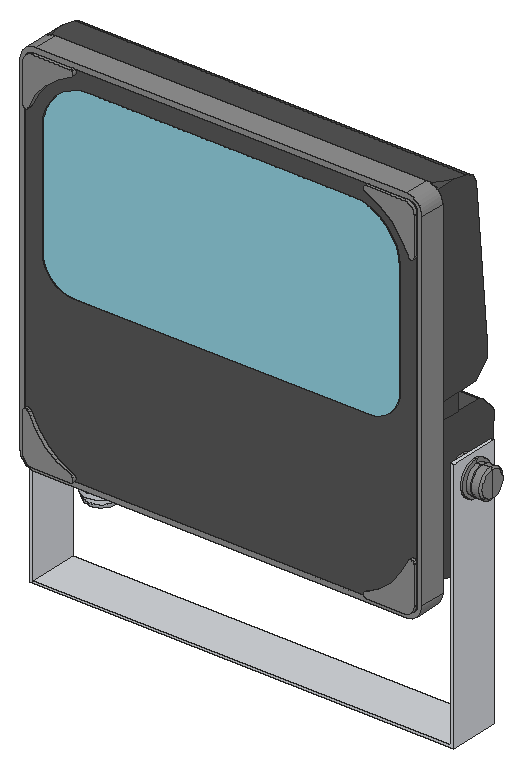
Revit family "Lighting-Floodlights-GEWISS-ELIA-FL-M3-LED_FLOODLIGHTS", category Apparecchi per illuminazione, host Superficie, Revit 2020
Family settings
  Host = Superficie
  Quota connettore circolare = Usa diametro
  Tipo di parte = Normale
  Taglio con vuoti quando caricato = No
  Sorgente d'illuminazione = Sì
  Condiviso = No
  Punto di calcolo locali = Sì
Parameters (values of type "GWF1100NH857 - ELIA FL M3 100W 5700K CRI80 On/Off 60°")
  ottica = Default Form
  Wiring = "With power cable"
  Weight (kg): = ""
  Wattage = 9.2903 W
  Warranty = "5 years"
  Visibilità etichetta [instance] = yes
  Visibilità simbolo [instance] = yes
  Visibilità lampada in pianta [instance] = not(Visibilità simbolo)  # no
  Version file RFA = "20.0"
  Variazione temperatura colore lampada con luminosità attenuata = (empty or 0)
  Unique digital code (Datamatrix) = "Currently not present"
  Unified Glare Rating = "ULOR = 0%"
  URL = "https://www.gewiss.com/ww/en"
  Typology: = "Small systems"
  Type of light source = "LED"
  Tilt- = "Rotation on bracket with integrated goniometer"
  built-in parameter 1150107 = 3200 (stored number, unit not read)
  System power = ""
  System  power = "From 100 to 200 W"
  Supply voltage = "220-240 V "
  Stocking temperature = "-40° +80°"
  Standards and approvals = "-"
  Standard- = "EN 60598-1; EN 60598-2-5; IEC/TR 62778; EN 62493"
  Standard Deviation Colour Matching = "SDCM = 5"
  Spostamento_y_eff.Simb [instance] = 4000 mm - Spostamento_y  # 4000 mm
  Spostamento_x_testo [instance] = 0 mm
  Spostamento_x_effettivo_simbolo [instance] = 4000 mm - Spostamento_x  # 4000 mm
  Spostamento_x [instance] = 0 mm
  Spostamento_y_effettivo [instance] = 4000 mm - Spostamento_y  # 4000 mm
  Spostamento_y [instance] = 0 mm
  Spostamento_effe_x_testo [instance] = 4000 mm - Spostamento_x_testo  # 4000 mm
  Spessore lampada = 26.891 mm
  Shock resistance = "IK08"
  Shield type = ""
  STRUTTURA = Struttura
  SEO = "Floodlight"
  Realized by GEWISS S.p.A. = ""
  Rated frequency (Hz) = "50/60 Hz"
  Photobiological Risk Class = "RG1"
  built-in parameter 1150110 = 1 (stored number, unit not read)
  built-in parameter 1150109 = 1 (stored number, unit not read)
  built-in parameter 1114218 = 1 (stored number, unit not read)
  built-in parameter 1150112 = 1 (stored number, unit not read)
  POSIZIONE = 80000  # constant formula
  PLACCAGGIO = none
  Overvoltage protection = ""
  Optic and illuminating features = "-"
  Optic Maintenance = "Non-replaceable"
  Optic : = ""
  Optic = "60°"
  Operating temperature : = "-30°C ÷ +50 °C"
  Mouting and installation = ""
  built-in parameter 1150137 = (empty or 0)
  built-in parameter 1150132 = (empty or 0)
  Maximum surface exposed to the wind : = ""
  Materials = "-"
  Lunghezza_lampada = 600 mm  # constant formula
  built-in parameter 1150131 = 3048 mm
  Luminaire = "LED luminaire with mid and high lumen power"
  Lumen output (lm) = ""
  Lumen output  (lm) = "Up to 25,000 lm"
  Locking Hook = "-"
  Lifetime = ""
  LED Maintenance = "By professional"
  LED = led
  Larghezza_Lampada = 600 mm  # constant formula
  Default Elevation = 1219.2 mm
  Produttore = "GEWISS S.p.A."
  Potenza Lampada [instance] = "330W"
  Model = "GWF1100NH857"
  built-in parameter 1150105 = 4614.1 (stored number, unit not read)
  built-in parameter 1150102 = (empty or 0)
  Insulation class = "I"
  Installationa and maintenance = "-"
  Immagine tipo = (empty or 0)
  built-in parameter 1150106 = 46.141 (stored number, unit not read)
  IPEA = "-"
  IP degree = "IP66"
  IDF = "06f6d089-d5cc-4065-abdb-482aa139e803"
  Group: = "xyz"
  Glow Wire Test : = "750 °C"
  General information = "-"
  Gasket = "-"
  Lumens = 1380 lm
  Fixing = ""
  Color Filter = 16777215
  built-in parameter 1114217 = 1 (stored number, unit not read)
  built-in parameter 1150139 = (empty or 0)
  FORO_CONTROSOFFITTO = Spessore lampada + 20 mm  # 46.891 mm
  External screw = "Stainless steel"
  Emetti da lunghezza linea = 150 mm
  Eletrical and lighting features = "-"
  Electrocod = "2424"
  Efficiency (lm/W): = "Above 120 lm/W"
  Efficiency (lm/W) = ""
  built-in parameter 1150104 = 13.8 (stored number, unit not read)
  Driver failure rate = ""
  Driver Box = "Built-in"
  Driver = "Built-in"
  Distanza dal host [instance] = 0 mm
  built-in parameter 1150115 = 1 (stored number, unit not read)
  built-in parameter 1150114 = 1 (stored number, unit not read)
  built-in parameter 1150113 = 1 (stored number, unit not read)
  Device with reduced surface temperature = "-"
  Description = "ELIA FL M3 100W 5700K CRI80 On/Off 60°"
  DIN 18032-3 certification = "-"
  Cornice = cornice
  Control System = "ON / OFF"
  Context = ""
  Colour temperature = ""
  Colour : = "Powder coating"
  Colour = "Black"
  built-in parameter 1150134 = 3
  built-in parameter 1150138 = (empty or 0)
  Color Rendering Index = "CRI 80"
  Classification: = "-"
  Category: = "Outdoor areas"
  COBie.Tagnumber = ""
  COBie.CreatedOn = ""
  COBie.CreatebBy = ""
  COBie.ComponentRegisterItemID = ""
  COBie.Component.TagNumber = ""
  COBie.Component.Space = ""
  COBie.Component.SerialNumber = ""
  COBie.Component.InstallationDate = ""
  COBie.Component.Description = ""
  COBie.Component.BarCode = ""
  Body = "Die-cast aluminium -"
  Application = "Indoor / Outdoor"
  built-in parameter 1010506 = 1.5708 (stored number, unit not read)
  Tilt Angle = 90.00°
  built-in parameter 1010507 = 1.5708 (stored number, unit not read)
  Lunghezza simbolo sorgente d'illuminazione = 3048 mm
  ----- = "Built-in"
  ---- = "Built-in"
  --- = "Built-in"
  -- = "Built-in"
  - = "Built-in"
Types (6, lengths in mm): name | Variazione temperatura colore lampada con luminosità attenuata | Optic | Model | Immagine tipo | Description
  GWF1100NH830 - ELIA FL M3 100W 3000K CRI80 On/Off 60° | (empty or 0) | "60°" | "GWF1100NH830" | (empty or 0) | "ELIA FL M3 100W 3000K CRI80 On/Off 60°"
  GWF1100NC830 - ELIA FL M3 100W 3000K CRI80 On/Off As. | <Nessuno> | "Asymmetrical" | "GWF1100NC830" | <Nessuno> | "ELIA FL M3 100W 3000K CRI80 On/Off As."
  GWF1100NH840 - ELIA FL M3 100W 4000K CRI80 On/Off 60° | (empty or 0) | "60°" | "GWF1100NH840" | (empty or 0) | "ELIA FL M3 100W 4000K CRI80 On/Off 60°"
  GWF1100NC840 - ELIA FL M3 100W 4000K CRI80 On/Off As. | <Nessuno> | "Asymmetrical" | "GWF1100NC840" | <Nessuno> | "ELIA FL M3 100W 4000K CRI80 On/Off As."
  GWF1100NH857 - ELIA FL M3 100W 5700K CRI80 On/Off 60° | (empty or 0) | "60°" | "GWF1100NH857" | (empty or 0) | "ELIA FL M3 100W 5700K CRI80 On/Off 60°"
  GWF1100NC857 - ELIA FL M3 100W 5700K CRI80 On/Off As. | <Nessuno> | "Asymmetrical" | "GWF1100NC857" | <Nessuno> | "ELIA FL M3 100W 5700K CRI80 On/Off As."
Reference planes
  plane 1 "Centro (Fronte/Retro)": y = 0
  plane 2: z = 0
  plane 3 "Centro (Sinistra/Destra)": x = 0
  plane 4: x = -4000
  plane 5 "pf_TESTO": x = 0
  plane 6: z = 1200
  plane 7: y = -4000
  plane 8: y = 0
  plane 9: x = -300
  plane 10: y = -300
  plane 11: x = 300
  plane 12: y = 300
  plane 13: z = -46.891
  plane 14 "PF_SIMBOLO": x = 0
  plane 15: y = 0
Lines and regions (mm)
  symbolic lines, visible <- "Visibilità lampada in pianta"
    curve 1: line (-104.487, 14.341, 0) -> (-104.487, -30, 0)
    curve 2: line (-104.487, 2.99, 0) -> (-104.487, 2, 0)
    curve 3: line (-104.487, 2, 0) -> (-114.5, 2, 0)
    curve 4: line (-114.5, 2, 0) -> (-114.5, -25.116, 0)
    curve 5: line (-114.5, -3, 0) -> (-116.659, -3, 0)
    curve 6: line (-116.659, -3, 0) -> (-116.659, -23.153, 0)
    curve 7: line (-116.659, -5.067, 0) -> (-126.532, -5.067, 0)
    curve 8: line (-126.532, -5.067, 0) -> (-126.532, -23.153, 0)
    curve 9: line (-126.532, -23.153, 0) -> (-116.659, -23.153, 0)
    curve 10: line (-116.659, -23.153, 0) -> (-116.659, -25.116, 0)
    curve 11: line (-116.659, -25.116, 0) -> (-114.5, -25.116, 0)
    curve 12: line (-114.5, -25.116, 0) -> (-114.5, -30, 0)
    curve 13: line (-114.5, -30, 0) -> (-104.487, -30, 0)
    curve 14: line (-107.599, -30, 0) -> (-107.599, -46, 0)
    curve 15: line (-107.599, -46, 0) -> (147.374, -46, 0)
    curve 16: line (147.374, -46, 0) -> (147.374, -30, 0)
    curve 17: line (144.263, -30, 0) -> (154.507, -30, 0)
    curve 18: line (154.507, -30, 0) -> (154.507, -25.116, 0)
    curve 19: line (154.507, -25.116, 0) -> (156.434, -25.116, 0)
    curve 20: line (156.434, -25.116, 0) -> (156.434, -22.933, 0)
    curve 21: line (156.434, -22.933, 0) -> (166.434, -22.933, 0)
    curve 22: line (166.434, -22.933, 0) -> (166.434, -4.758, 0)
    curve 23: line (166.434, -4.758, 0) -> (156.434, -4.758, 0)
    curve 24: line (156.434, -22.933, 0) -> (156.434, -2.884, 0)
    curve 25: line (156.434, -2.884, 0) -> (154.507, -2.884, 0)
    curve 26: line (154.507, -25.116, 0) -> (154.507, 2, 0)
    curve 27: line (154.507, 2, 0) -> (144.263, 2, 0)
    curve 28: line (144.263, -30, 0) -> (144.263, 14.341, 0)
    curve 29: line (144.263, 14.341, 0) -> (-104.487, 14.341, 0)
Dimensions and locks
  plane 4 to plane 3 "Centro (Sinistra/Destra)" = 4000 mm
  plane 6 to plane 2 = 1200 mm
  "Spostamento_y_effettivo": plane 8 to plane 7
  plane 1 "Centro (Fronte/Retro)" to plane 7 = 4000 mm
  equal spacing: plane 9, plane 3 "Centro (Sinistra/Destra)", plane 11
  equal spacing: plane 12, plane 1 "Centro (Fronte/Retro)", plane 10
  "FORO_CONTROSOFFITTO": level to plane 13
  "Lunghezza_lampada": plane 9 to plane 11
  "Larghezza_Lampada": plane 12 to plane 10
  "Spostamento_x_effettivo_simbolo": plane 4 to plane 14 "PF_SIMBOLO"
  "Spostamento_effe_x_testo": plane 4 to plane 5 "pf_TESTO"
  "Spostamento_y_eff.Simb": plane 15 to plane 7
  nested 2 to nested 2 = 248.75 mm
  aligned and locked: plane 2 to host face
  aligned and locked: level to host face
  aligned and locked: nested 1 to plane 8
  aligned and locked: plane 5 "pf_TESTO" to nested 1
  aligned and locked: plane 14 "PF_SIMBOLO" to nested 3
  aligned and locked: nested 3 to plane 15
Automatic sketch dimensions
  host sketch curve to host sketch curve = 2438.4 mm  (x2)
  plane 1 "Centro (Fronte/Retro)" to curve 7 = 5.067 mm
  curve 7 to plane 3 "Centro (Sinistra/Destra)" = 126.532 mm
  curve 8 to curve 9 = 9.873 mm
  curve 10 to curve 4 = 2.159 mm
  curve 12 to curve 15 = 6.901 mm
  curve 2 to plane 1 "Centro (Fronte/Retro)" = 2 mm
  curve 3 to curve 2 = 10.013 mm
  curve 14 to curve 13 = 3.111 mm
  plane 1 "Centro (Fronte/Retro)" to curve 28 = 30 mm
  plane 3 "Centro (Sinistra/Destra)" to curve 28 = 144.263 mm
  curve 17 to curve 16 = 3.111 mm
  curve 16 to curve 19 = 7.133 mm
  curve 18 to curve 19 = 1.927 mm
  curve 24 to curve 22 = 10 mm
  curve 14 to curve 7 = 40.933 mm
  curve 14 to curve 13 = 16 mm
  curve 17 to curve 19 = 4.884 mm
  curve 12 to curve 4 = 4.884 mm
  curve 10 to curve 10 = 1.963 mm
  curve 19 to curve 21 = 2.183 mm
  plane 1 "Centro (Fronte/Retro)" to curve 23 = 4.758 mm
  curve 7 to curve 6 = 2.067 mm
  curve 23 to curve 25 = 1.874 mm
  curve 26 to plane 1 "Centro (Fronte/Retro)" = 2 mm
  curve 2 to curve 1 = 12.341 mm
  curve 2 to curve 2 = 0.99 mm
Nested families
  nested 1: "Etichetta light" at (0, 0, 0), visible <- "Visibilità etichetta", type "Etichetta light"
  nested 2: "BASE_FL_100" at (-114.5, -14, 0), type "TIPO 1"
  nested 3: "Famiglia1" at (0, 0, 0), visible <- "Visibilità simbolo", type "Famiglia1"
Definition of nested family "BASE_FL_100"
  Parameters (values of type "TIPO 1")
    h_LED = 120 mm
    Vetro = none
    Struttura = none
    Staffa = none
    Schermo led = none
    Default Elevation = 0 mm
    PLACCAGGIO = none
    L_SCHERMO = 248.75 mm
    H_SCHERMO = 235 mm
    H_DA BASE = 74 mm
    Cornice = none
  Reference planes
    plane 1 "Center (Front/Back)": y = 0
    plane 2: z = 0
    plane 3 "Center (Left/Right)": x = 0
    plane 4: x = 2
    plane 5: z = 75.414
    plane 6: z = 78.43
    plane 7: x = 258.763
    plane 8: x = 261.874
    plane 9: z = 313.43
    plane 10: z = 316.445
    plane 11: x = 6.901
    plane 12: x = 10.013
    plane 13: x = 267.007
    plane 14: x = 269.007
    plane 15: x = 280.807
    plane 16: x = 274.307
    plane 17: z = 1.414
    plane 18: z = 161.33
    plane 19: z = 156.405
    plane 20: z = 138.085
    plane 21: x = -12.032
    plane 22: x = -5.532
    plane 23: x = 21.013
    plane 24: z = 302.43
    plane 25: z = 182.43
    plane 26: x = 247.763
    plane 27: y = -34
    plane 28: y = -32
    plane 29: y = -16
    plane 30: y = -16
    plane 31: y = 16
  Forms (mm)
    Extrusion 1, solid, material <- "Staffa"
      sketch origin (0, 0, 0) x (1, 0, 0) y (0, 0, 1)
        loop
          line (0, 161.33) -> (0, 0) -> (269.007, 0) -> (269.007, 161.327) -> (267.007, 161.327) -> (267.007, 1.414) -> (2, 1.414) -> (2, 161.33) -> (0, 161.33)
      from -16 to 16
    Revolve 2, solid, material <- "Cornice"
      sketch origin (0, 0, 27.5) x (1, 0, 0) y (0, 0, 1)
        loop
          line (269.007, 130.691) -> (269.007, 119.575) -> (274.307, 119.575) -> (274.307, 128.508) -> (270.934, 128.508) -> (270.934, 130.691) -> (269.007, 130.691)
        axis (274.307, 119.575) -> (269.007, 119.575)
      angle from 0 to 360
    Revolve 3, solid, material <- "Cornice"
      sketch origin (0, 0, 27.5) x (1, 0, 0) y (0, 0, 1)
        loop
          line (274.307, 119.711) -> (280.807, 119.711) -> (280.807, 127.742) -> (279.644, 128.905) -> (275.197, 128.905) -> (274.307, 128.49) -> (274.307, 119.711)
        axis (274.307, 119.711) -> (280.807, 119.711)
      angle from 0 to 360
    Revolve 4, solid, material <- "Cornice"
      sketch origin (204.536, 0, 27.5) x (-1, 0, 0) y (0, 0, 1)
        loop
          line (204.768, 130.691) -> (204.768, 119.575) -> (210.068, 119.575) -> (210.068, 128.508) -> (206.695, 128.508) -> (206.695, 130.691) -> (204.768, 130.691)
        axis (210.068, 119.575) -> (204.768, 119.575)
      angle from 0 to 360
    Revolve 5, solid, material <- "Cornice"
      sketch origin (204.536, 0, 27.5) x (-1, 0, 0) y (0, 0, 1)
        loop
          line (210.068, 119.711) -> (216.568, 119.711) -> (216.568, 127.742) -> (215.404, 128.905) -> (210.958, 128.905) -> (210.068, 128.49) -> (210.068, 119.711)
        axis (210.068, 119.711) -> (216.568, 119.711)
      angle from 0 to 360
    Extrusion 6, solid, material <- "Cornice"
      sketch origin (0, 0, 0) x (1, 0, 0) y (0, 0, 1)
        loop
          arc (6.901, 85.191) -> (9.765, 78.278) -> (16.678, 75.414) r 9.777
          line (16.678, 75.414) -> (251.874, 75.414)
          arc (251.874, 75.414) -> (258.945, 78.343) -> (261.874, 85.414) r 10
          line (261.874, 85.414) -> (261.874, 306.445)
          arc (261.874, 306.445) -> (258.945, 313.516) -> (251.874, 316.445) r 10
          line (251.874, 316.445) -> (16.901, 316.445)
          arc (16.901, 316.445) -> (9.83, 313.516) -> (6.901, 306.445) r 10
          line (6.901, 306.445) -> (6.901, 85.191)
        loop
          arc (10.013, 84.152) -> (11.689, 80.106) -> (15.735, 78.43) r 5.722
          line (15.735, 78.43) -> (252.621, 78.43)
          arc (252.621, 78.43) -> (256.964, 80.228) -> (258.763, 84.571) r 6.142
          line (258.763, 84.571) -> (258.763, 307.43)
          arc (258.763, 307.43) -> (257.005, 311.672) -> (252.763, 313.43) r 6
          line (252.763, 313.43) -> (16.013, 313.43)
          arc (16.013, 313.43) -> (11.77, 311.672) -> (10.013, 307.43) r 6
          line (10.013, 307.43) -> (10.013, 84.152)
      from 16 to 32
    Extrusion 7, solid, material <- "Struttura"
      sketch origin (0, 0, 0) x (1, 0, 0) y (0, 0, 1)
        loop
          arc (51.013, 302.43) -> (29.799, 293.643) -> (21.013, 272.43) r 30
          line (21.013, 272.43) -> (21.013, 202.23)
          arc (21.013, 202.23) -> (26.812, 188.229) -> (40.813, 182.43) r 19.8
          line (40.813, 182.43) -> (227.963, 182.43)
          arc (227.963, 182.43) -> (241.963, 188.229) -> (247.763, 202.23) r 19.8
          line (247.763, 202.23) -> (247.763, 272.43)
          arc (247.763, 272.43) -> (238.976, 293.643) -> (217.763, 302.43) r 30
          line (217.763, 302.43) -> (51.013, 302.43)
        loop
          arc (14.994, 313.43) -> (11.108, 311.499) -> (9.539, 307.454) r 6
          line (9.539, 307.454) -> (9.539, 84.58)
          arc (9.539, 84.58) -> (11.391, 80.109) -> (15.862, 78.257) r 6.323
          line (15.862, 78.257) -> (252.767, 78.434)
          arc (252.767, 78.434) -> (257.007, 80.193) -> (258.763, 84.434) r 6
          line (258.763, 84.434) -> (258.763, 307.43)
          arc (258.763, 307.43) -> (257.005, 311.672) -> (252.763, 313.43) r 6
          line (252.763, 313.43) -> (14.994, 313.43)
      from 16 to 32
    Extrusion 8, solid, material <- "Schermo led"
      sketch origin (0, 0, 0) x (1, 0, 0) y (0, 0, 1)
        loop
          arc (51.013, 302.43) -> (29.799, 293.643) -> (21.013, 272.43) r 30
          line (21.013, 272.43) -> (21.013, 202.23)
          arc (21.013, 202.23) -> (26.812, 188.229) -> (40.813, 182.43) r 19.8
          line (40.813, 182.43) -> (227.963, 182.43)
          arc (227.963, 182.43) -> (241.963, 188.229) -> (247.763, 202.23) r 19.8
          line (247.763, 202.23) -> (247.763, 272.43)
          arc (247.763, 272.43) -> (238.976, 293.643) -> (217.763, 302.43) r 30
          line (217.763, 302.43) -> (51.013, 302.43)
      from 16 to 32
    Revolve 9, solid
      sketch origin (0, -18.125, 0) x (1, 0, 0) y (0, 0, 1)
        loop
          line (47.268, 75.414) -> (37.268, 75.414) -> (37.268, 73.185) -> (36.185, 73.185) -> (36.185, 70.185) -> (37.268, 70.185) -> (37.268, 67.185)
          arc (37.268, 67.185) -> (38.146, 65.063) -> (40.268, 64.185) r 3
          line (40.268, 64.185) -> (47.268, 64.185) -> (47.268, 75.414)
        axis (47.268, 75.414) -> (47.268, 64.185)
      angle from 0 to 360
    Revolve 10, solid
      sketch origin (0, 0, 27.5) x (1, 0, 0) y (0, 0, 1)
        loop
          line (2, 119.745) -> (6.901, 119.745) -> (6.901, 132.093) -> (5.198, 132.093) -> (5.198, 124.774) -> (2, 124.774) -> (2, 119.745)
        axis (2, 119.745) -> (6.901, 119.745)
      angle from 0 to 360
    Revolve 11, solid, material <- "Cornice"
      sketch origin (204.536, 0, 27.5) x (-1, 0, 0) y (0, 0, 1)
        loop
          line (-62.472, 121.291) -> (-57.338, 121.291) -> (-57.338, 130.717) -> (-59.042, 130.717) -> (-59.042, 124.774) -> (-62.472, 124.774) -> (-62.472, 121.291)
        axis (-62.472, 121.291) -> (-57.338, 121.291)
      angle from 0 to 360
    Extrusion 12, solid, material <- "Struttura"
      sketch origin (0, 0, 0) x (0, 1, 0) y (0, 0, 1)
        loop
          line (-16, 190.726) -> (-16, 181.197) -> (0, 180.778) -> (0, 191.145) -> (-16, 190.726)
      from 10.013 to 258.763
    Extrusion 13, solid, material <- "Cornice"
      sketch origin (-416.195, 0, 1.563) x (1, 0, 0) y (0, 0, 1)
        loop
          arc (457.188, 307.83) -> (458.38, 310.068) -> (456.419, 311.676) r 2
          line (456.419, 311.676) -> (432.776, 311.676)
          arc (432.776, 311.676) -> (428.281, 309.814) -> (426.419, 305.319) r 6.358
          line (426.419, 305.319) -> (426.419, 281.676)
          arc (426.419, 281.676) -> (428.026, 279.715) -> (430.265, 280.907) r 2
          arc (430.265, 280.907) -> (441.063, 297.032) -> (457.188, 307.83) r 50
      from 32 to 34
    Extrusion 14, solid, material <- "Cornice"
      sketch origin (684.97, 0, 1.562) x (-1, 0, 0) y (0, 0, -1)
        loop
          arc (457.188, -307.83) -> (441.063, -297.032) -> (430.265, -280.907) r 50
          arc (430.265, -280.907) -> (428.026, -279.715) -> (426.419, -281.676) r 2
          line (426.419, -281.676) -> (426.419, -305.319)
          arc (426.419, -305.319) -> (428.281, -309.814) -> (432.776, -311.676) r 6.358
          line (432.776, -311.676) -> (456.419, -311.676)
          arc (456.419, -311.676) -> (458.38, -310.068) -> (457.188, -307.83) r 2
      from 32 to 34
    Extrusion 15, solid, material <- "Struttura"
      sketch origin (0, 0, 0) x (0, 1, 0) y (0, 0, 1)
        loop
          line (7.514, 312.018) -> (-16, 316.164) -> (-16, 190.987) -> (14.186, 191.777) -> (23.136, 200.727) -> (23.134, 210.009)
          arc (23.134, 210.009) -> (20.104, 257.854) -> (14.024, 305.407) r 750
          arc (14.024, 305.407) -> (11.825, 309.753) -> (7.514, 312.018) r 8
      from 10.013 to 258.763
    Extrusion 16, void
      sketch origin (0, 0, 0) x (1, 0, 0) y (0, 0, 1)
        loop
          line (14.548, 316.164) -> (10.013, 316.164) -> (10.013, 313.694)
          arc (10.013, 313.694) -> (12.118, 315.227) -> (14.548, 316.164) r 10
        loop
          line (258.763, 316.164) -> (254.227, 316.164)
          arc (254.227, 316.164) -> (256.657, 315.227) -> (258.763, 313.694) r 10
          line (258.763, 313.694) -> (258.763, 316.164)
      from 0 to 34
    Extrusion 17, solid, material <- "Cornice"
      sketch origin (-416.195, 0, 390.172) x (1, 0, 0) y (0, 0, 1)
        loop
          arc (457.188, -307.83) -> (441.063, -297.032) -> (430.265, -280.907) r 50
          arc (430.265, -280.907) -> (428.026, -279.715) -> (426.419, -281.676) r 2
          line (426.419, -281.676) -> (426.419, -305.319)
          arc (426.419, -305.319) -> (428.281, -309.814) -> (432.776, -311.676) r 6.358
          line (432.776, -311.676) -> (456.419, -311.676)
          arc (456.419, -311.676) -> (458.38, -310.068) -> (457.188, -307.83) r 2
      from 32 to 34
    Extrusion 18, solid, material <- "Cornice"
      sketch origin (684.97, 0, 390.172) x (-1, 0, 0) y (0, 0, -1)
        loop
          arc (457.188, 307.83) -> (458.38, 310.068) -> (456.419, 311.676) r 2
          line (456.419, 311.676) -> (432.776, 311.676)
          arc (432.776, 311.676) -> (428.281, 309.814) -> (426.419, 305.319) r 6.358
          line (426.419, 305.319) -> (426.419, 281.676)
          arc (426.419, 281.676) -> (428.026, 279.715) -> (430.265, 280.907) r 2
          arc (430.265, 280.907) -> (441.063, 297.032) -> (457.188, 307.83) r 50
      from 32 to 34
    Extrusion 19, solid, material <- "Struttura"
      sketch origin (0, 0, 0) x (0, 1, 0) y (0, 0, 1)
        loop
          line (16.99, 180.306) -> (-16, 181.17) -> (-16, 94.148)
          arc (-16, 94.148) -> (9.209, 90.511) -> (24.523, 110.863) r 25
          arc (24.523, 110.863) -> (27.071, 139.597) -> (28.341, 168.416) r 650
          arc (28.341, 168.416) -> (28.071, 169.952) -> (27.234, 171.267) r 4
          line (27.234, 171.267) -> (19.778, 179.07)
          arc (19.778, 179.07) -> (18.506, 179.964) -> (16.99, 180.306) r 4
      from 10.013 to 258.763
  Cuts and joins
    Extrusion 16 cuts Extrusion 6
    Extrusion 16 cuts Extrusion 15
  Dimensions and locks
    locked: plane 3 "Center (Left/Right)" to plane 4 at 2
    locked: plane 6 to plane 5 at 3.015
    locked: plane 7 to plane 8 at 3.111
    locked: plane 10 to plane 9 at 3.015
    locked: plane 11 to plane 12 at 3.111
    locked: plane 4 to plane 11 at 4.901
    "L_SCHERMO": plane 12 to plane 7
    locked: plane 13 to plane 14 at 2
    locked: plane 8 to plane 13 at 5.133
    locked: plane 16 to plane 15 at 6.5
    locked: plane 14 to plane 16 at 5.3
    locked: plane 17 to level at 1.414
    "H_DA BASE": plane 5 to plane 17
    "H_SCHERMO": plane 9 to plane 6
    locked: plane 19 to plane 20 at 18.321
    locked: plane 22 to plane 21 at 6.5
    plane 12 to plane 23 = 11 mm
    locked: plane 26 to plane 7 at 11
    "h_LED": plane 24 to plane 25
    plane 25 to plane 6 = 104 mm
    plane 26 to plane 7 = 11 mm
    locked: plane 28 to plane 27 at 2
    locked: plane 29 to plane 28 at 16
    cut or joined group of Extrusion 6, Extrusion 16 to level = 316.445 mm
    radius of Extrusion 6 sketch curve = 10 mm  (x3)
    radius of Extrusion 6 sketch curve = 6 mm  (x2)
    radius of Extrusion 7 sketch curve = 19.8 mm  (x2)
    radius of Extrusion 7 sketch curve = 30 mm  (x2)
    radius of Extrusion 7 sketch curve = 6 mm  (x3)
    radius of Extrusion 7 sketch curve = 6.323 mm
    radius of Extrusion 8 sketch curve = 30 mm  (x2)
    radius of Extrusion 8 sketch curve = 19.8 mm  (x2)
    radius of Extrusion 6 sketch curve = 6.142 mm
    radius of Extrusion 6 sketch curve = 5.722 mm
    radius of Extrusion 6 sketch curve = 9.777 mm
    aligned and locked: level to plane 2
    aligned and locked: Extrusion 1 sketch curve to plane 3 "Center (Left/Right)"
    aligned and locked: Extrusion 1 sketch curve to plane 4
    aligned and locked: Extrusion 1 sketch curve to plane 17
    aligned and locked: Extrusion 1 sketch curve to level
    aligned and locked: Extrusion 1 sketch curve to plane 14
    aligned and locked: Extrusion 1 sketch curve to plane 13
    aligned and locked: Extrusion 1 sketch curve to plane 18  (x2)
    aligned and locked: plane 14 to Revolve 2 sketch curve
    aligned and locked: plane 16 to Revolve 2 sketch curve
    aligned and locked: plane 16 to Revolve 3 sketch curve
    aligned and locked: plane 19 to Revolve 3 sketch curve
    aligned and locked: plane 15 to Revolve 3 sketch curve
    aligned and locked: plane 22 to Revolve 4 sketch curve
    aligned and locked: plane 22 to Revolve 5 sketch curve
    aligned and locked: plane 21 to Revolve 5 sketch curve
    aligned and locked: Extrusion 6 sketch curve to plane 11
    aligned and locked: Extrusion 6 sketch curve to plane 12
    aligned and locked: Extrusion 6 sketch curve to plane 9
    aligned and locked: Extrusion 6 sketch curve to plane 10
    aligned and locked: Extrusion 6 sketch curve to plane 8
    aligned and locked: Extrusion 6 sketch curve to plane 7
    aligned and locked: Extrusion 6 sketch curve to plane 5
    aligned and locked: Extrusion 6 sketch curve to plane 6
    aligned and locked: Extrusion 7 sketch curve to plane 24
    aligned and locked: Extrusion 7 sketch curve to plane 23
    aligned and locked: Extrusion 7 sketch curve to plane 25
    aligned and locked: Extrusion 7 sketch curve to plane 26
    aligned and locked: Extrusion 7 sketch curve to plane 9
    aligned and locked: Extrusion 8 sketch curve to Extrusion 7  (x2)
    aligned and locked: Revolve 9 sketch curve to plane 5
    aligned and locked: Revolve 10 sketch curve to plane 4
    aligned and locked: Revolve 10 sketch curve to plane 11
    aligned and locked: plane 8 to Revolve 11
    aligned and locked: Revolve 11 to plane 13
    aligned and locked: plane 12 to Extrusion 12
    aligned and locked: Extrusion 12 to plane 7
    aligned and locked: plane 27 to Extrusion 13
    aligned and locked: plane 27 to Extrusion 14
    aligned and locked: Extrusion 13 to plane 28
    aligned and locked: Extrusion 14 to plane 28
    aligned and locked: Extrusion 6 to plane 28
    aligned and locked: Extrusion 7 to plane 28
    aligned and locked: Extrusion 8 to plane 28
    aligned and locked: Extrusion 6 to plane 29
    aligned and locked: Extrusion 7 to plane 29
    aligned and locked: Extrusion 8 to plane 29
    aligned and locked: Extrusion 1 to plane 30
    aligned and locked: plane 31 to Extrusion 1
    aligned and locked: plane 29 to plane 30
    aligned and locked: plane 29 to Extrusion 15 sketch curve
    aligned and locked: plane 12 to Extrusion 15
    aligned and locked: Extrusion 15 to plane 7
    aligned and locked: Extrusion 16 sketch curve to Extrusion 6  (x2)
    aligned and locked: Extrusion 16 sketch curve to Extrusion 15  (x2)
    aligned and locked: Extrusion 15 to Extrusion 16 sketch curve
    aligned and locked: Extrusion 16 sketch curve to plane 7
    aligned and locked: Extrusion 16 to plane 1 "Center (Front/Back)"
    aligned and locked: Extrusion 13 to Extrusion 16
    aligned and locked: Extrusion 12 sketch curve to plane 30
    aligned and locked: plane 30 to Extrusion 19 sketch curve
    aligned and locked: plane 12 to Extrusion 19
    aligned and locked: Extrusion 19 to plane 7
  Automatic sketch dimensions
    Revolve 2 sketch curve to plane 14 = 0 mm
    Revolve 2 sketch curve to plane 16 = 0 mm
    Revolve 2 sketch curve to plane 14 = 1.927 mm
    plane 20 to Revolve 2 sketch curve = 8.99 mm
    Revolve 2 sketch curve to plane 19 = 0.397 mm
    plane 19 to Revolve 2 sketch curve = 1.785 mm
    Revolve 2 sketch curve to Revolve 2 sketch curve = 0 mm
    Revolve 3 sketch curve to plane 16 = 0 mm
    Revolve 3 sketch curve to plane 15 = 0 mm
    Revolve 3 sketch curve to plane 16 = 0.89 mm
    plane 15 to Revolve 3 sketch curve = 1.163 mm
    Revolve 3 sketch curve to plane 19 = 0.415 mm
    Revolve 3 sketch curve to plane 19 = 1.163 mm
    Revolve 3 sketch curve to Revolve 3 sketch curve = 8.031 mm
    Revolve 3 sketch curve to Revolve 3 sketch curve = 0 mm
    Revolve 4 sketch curve to plane 22 = 0 mm
    plane 19 to Revolve 4 sketch curve = 0.397 mm
    plane 3 "Center (Left/Right)" to Revolve 4 sketch curve = 2.159 mm
    plane 3 "Center (Left/Right)" to Revolve 4 sketch curve = 0.232 mm
    Revolve 4 sketch curve to Revolve 4 sketch curve = 8.933 mm
    Revolve 4 sketch curve to plane 19 = 1.785 mm
    Revolve 4 sketch curve to Revolve 4 sketch curve = 0 mm  (x2)
    Revolve 5 sketch curve to plane 22 = 0 mm
    Revolve 5 sketch curve to plane 19 = 0 mm
    Revolve 5 sketch curve to plane 21 = 0 mm
    plane 22 to Revolve 5 sketch curve = 0.89 mm
    Revolve 5 sketch curve to plane 21 = 1.163 mm
    plane 19 to Revolve 5 sketch curve = 0.415 mm
    plane 19 to Revolve 5 sketch curve = 1.163 mm
    Revolve 5 sketch curve to Revolve 5 sketch curve = 8.031 mm
    Revolve 5 sketch curve to Revolve 5 sketch curve = 0 mm
    Extrusion 7 sketch curve to plane 6 = 0.172 mm
    plane 23 to Extrusion 7 sketch curve = 5.151 mm
    plane 23 to Extrusion 7 sketch curve = 5.473 mm
    Extrusion 7 sketch curve to plane 12 = 4.981 mm
    Extrusion 8 sketch curve to plane 24 = 0 mm
    Extrusion 8 sketch curve to Extrusion 8 sketch curve = 30 mm
    Extrusion 8 sketch curve to plane 24 = 30 mm
    Revolve 9 sketch curve to plane 5 = 0 mm
    Revolve 9 sketch curve to plane 5 = 5.229 mm
    Revolve 9 sketch curve to plane 23 = 15.172 mm
    Revolve 9 sketch curve to Revolve 9 sketch curve = 1.083 mm  (x2)
    Revolve 9 sketch curve to Revolve 9 sketch curve = 3 mm  (x2)
    Revolve 9 sketch curve to Revolve 9 sketch curve = 7 mm
    Revolve 9 sketch curve to plane 5 = 2.229 mm
    Revolve 9 sketch curve to Revolve 9 sketch curve = 0 mm  (x2)
    plane 4 to Revolve 10 sketch curve = 0 mm
    plane 11 to Revolve 10 sketch curve = 0 mm
    plane 11 to Revolve 10 sketch curve = 1.703 mm
    Revolve 10 sketch curve to plane 19 = 9.16 mm
    Revolve 10 sketch curve to plane 19 = 4.131 mm
    Revolve 10 sketch curve to plane 18 = 1.738 mm
    Revolve 10 sketch curve to Revolve 10 sketch curve = 0 mm
    Revolve 11 sketch curve to plane 13 = 0 mm
    plane 8 to Revolve 11 sketch curve = 0 mm  (x2)
    plane 8 to Revolve 11 sketch curve = 1.703 mm
    plane 19 to Revolve 11 sketch curve = 7.614 mm
    Revolve 11 sketch curve to Revolve 11 sketch curve = 3.483 mm
    Revolve 11 sketch curve to plane 19 = 1.812 mm
    Revolve 11 sketch curve to Revolve 11 sketch curve = 0.232 mm
    Revolve 11 sketch curve to Revolve 11 sketch curve = 0 mm
    Extrusion 13 sketch curve to plane 12 = 0.211 mm
    Extrusion 13 sketch curve to Extrusion 13 sketch curve = 2 mm
    plane 23 to Extrusion 13 sketch curve = 4.431 mm
    Extrusion 13 sketch curve to plane 9 = 2.191 mm
    Extrusion 13 sketch curve to plane 23 = 19.211 mm
    Extrusion 13 sketch curve to plane 23 = 39.211 mm
    plane 24 to Extrusion 13 sketch curve = 4.452 mm
    Extrusion 13 sketch curve to plane 24 = 19.191 mm
    Extrusion 13 sketch curve to plane 24 = 39.191 mm
    Extrusion 13 sketch curve to Extrusion 13 sketch curve = 0 mm
    Extrusion 14 sketch curve to plane 7 = 0.211 mm
    Extrusion 14 sketch curve to Extrusion 14 sketch curve = 2 mm
    Extrusion 14 sketch curve to plane 26 = 4.431 mm
    plane 9 to Extrusion 14 sketch curve = 2.191 mm
    plane 26 to Extrusion 14 sketch curve = 19.211 mm
    plane 26 to Extrusion 14 sketch curve = 39.211 mm
    Extrusion 14 sketch curve to plane 24 = 4.452 mm
    plane 24 to Extrusion 14 sketch curve = 19.191 mm
    plane 24 to Extrusion 14 sketch curve = 39.191 mm
    Extrusion 14 sketch curve to Extrusion 14 sketch curve = 0 mm
    Extrusion 15 sketch curve to plane 25 = 4.13 mm
    plane 27 to Extrusion 15 sketch curve = 692.499 mm
    plane 24 to Extrusion 15 sketch curve = 1.71 mm
    Extrusion 15 sketch curve to plane 1 "Center (Front/Back)" = 6.125 mm
    Extrusion 15 sketch curve to plane 9 = 1.412 mm
    Extrusion 15 sketch curve to plane 1 "Center (Front/Back)" = 7.514 mm
    Extrusion 15 sketch curve to plane 31 = 1.814 mm
    plane 31 to Extrusion 15 sketch curve = 7.134 mm
    plane 31 to Extrusion 15 sketch curve = 7.136 mm
    Extrusion 15 sketch curve to plane 25 = 8.557 mm
    Extrusion 15 sketch curve to plane 25 = 9.348 mm
    Extrusion 15 sketch curve to Extrusion 15 sketch curve = 8.95 mm
    Extrusion 15 sketch curve to Extrusion 15 sketch curve = 9.282 mm
    Extrusion 15 sketch curve to plane 10 = 0.281 mm
    plane 12 to Extrusion 17 sketch curve = 0.211 mm
    Extrusion 17 sketch curve to Extrusion 17 sketch curve = 2 mm  (x2)
    Extrusion 17 sketch curve to plane 23 = 4.431 mm
    plane 23 to Extrusion 17 sketch curve = 19.211 mm
    plane 23 to Extrusion 17 sketch curve = 39.211 mm
    Extrusion 17 sketch curve to plane 6 = 50.066 mm
    Extrusion 17 sketch curve to plane 6 = 30.066 mm
    Extrusion 17 sketch curve to plane 5 = 9.439 mm
    Extrusion 17 sketch curve to Extrusion 17 sketch curve = 0 mm
    plane 7 to Extrusion 18 sketch curve = 0.211 mm
    Extrusion 18 sketch curve to Extrusion 18 sketch curve = 2 mm  (x2)
    plane 26 to Extrusion 18 sketch curve = 4.431 mm
    Extrusion 18 sketch curve to plane 26 = 19.211 mm
    Extrusion 18 sketch curve to plane 26 = 39.211 mm
    plane 6 to Extrusion 18 sketch curve = 50.066 mm
    plane 6 to Extrusion 18 sketch curve = 30.066 mm
    plane 5 to Extrusion 18 sketch curve = 9.439 mm
    Extrusion 18 sketch curve to Extrusion 18 sketch curve = 0 mm
    plane 7 to Extrusion 7 sketch curve = 0 mm
    plane 26 to Extrusion 7 sketch curve = 5 mm
    plane 6 to Extrusion 7 sketch curve = 0.005 mm
    plane 26 to Extrusion 7 sketch curve = 5.004 mm
    Extrusion 12 sketch curve to plane 1 "Center (Front/Back)" = 0 mm
    plane 25 to Extrusion 12 sketch curve = 1.652 mm
    plane 25 to Extrusion 12 sketch curve = 1.233 mm
    Extrusion 12 sketch curve to plane 25 = 8.296 mm
    Extrusion 12 sketch curve to plane 25 = 8.715 mm
    plane 31 to Extrusion 19 sketch curve = 0.99 mm
    Extrusion 19 sketch curve to Extrusion 19 sketch curve = 2.787 mm
    plane 25 to Extrusion 19 sketch curve = 1.26 mm
    Extrusion 19 sketch curve to Extrusion 19 sketch curve = 1.107 mm
Definition of nested family "Etichetta light"
  Parameters (values of type "ETICHETTA LIGHT")
    COMMENTI = "330W"
  Reference planes
    plane 1: y = 0
    plane 2: x = 0
  Text (mm)
    label "COMMENTI" at (-0.057, 0.105, 0), shows "COMMENTI"
Definition of nested family "Famiglia1"
  Reference planes
    plane 1: y = 0
    plane 2: x = 0
  Lines and regions (mm)
    detail lines
      curve 1: arc (0.876, -1.172, 0) -> (1.155, 0.093, 0) -> (0.876, 1.358, 0) r 3.002
      curve 2: arc (-0.177, -0.851, 0) -> (0.33, -1.075, 0) -> (0.876, -1.172, 0) r 2.292
      curve 3: arc (-0.177, 1.037, 0) -> (-0.664, 0.093, 0) -> (-0.177, -0.851, 0) r 1.158
      curve 4: arc (0.876, 1.358, 0) -> (0.33, 1.262, 0) -> (-0.177, 1.037, 0) r 2.292
      curve 5: line (-0.177, -0.851, 0) -> (0.876, 1.358, 0)
      curve 6: line (0.876, 1.358, 0) -> (0.876, -1.172, 0)
      curve 7: line (0.876, -1.172, 0) -> (-0.177, 1.037, 0)
